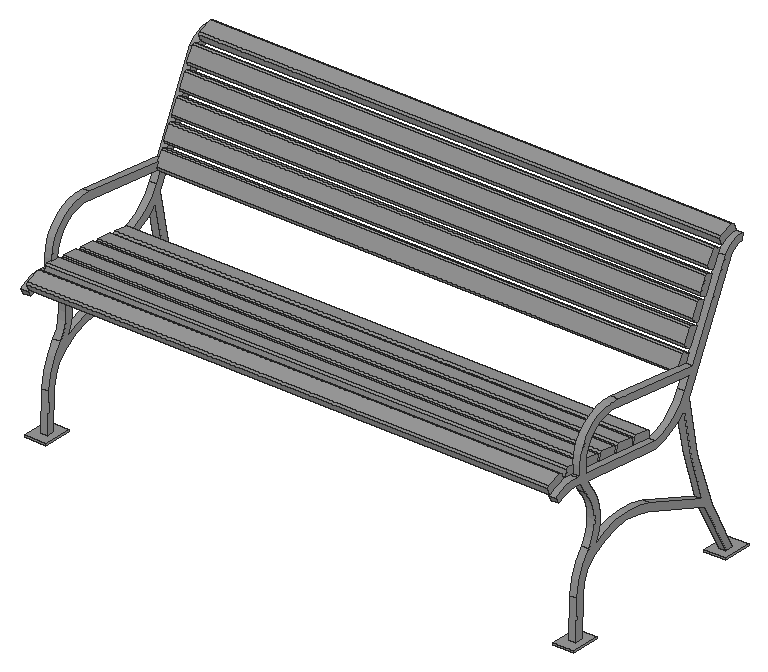
Revit family "Скамейка стальная «Элегант» Арт 7037", category Антураж, Revit 2018
Family settings
  На основе рабочей плоскости = Нет
  Всегда вертикально = Да
  При загрузке вырезать с полостями = Нет
  Источник визуального образа = Геометрия семейства
  Общий = Нет
  Точка расчета площади = Нет
Parameters (values of type "Версия 1,5 м")
  Ширина = 680 mm  # constant formula
  Цвет сидения = Дерево
  Цвет опоры = Сталь
  Средняя опора = or([Версия 2,0 м (3 опоры)], [Версия 3,0 м (3 опоры)])  # no
  Описание = if([Версия 0,6 м (кресло)], "Скамейка стальная «Элегант». Версия 0,6 м (Кресло)", if([Версия 1,2 м], "Скамейка стальная «Элегант». Версия 1,2 м", if([Версия 1,5 м], "Скамейка стальная «Элегант». Версия 1,5 м", if([Версия 1,8 м], "Скамейка стальная «Элегант». Версия 1,8 м", if([Версия 2,0 м], "Скамейка стальная «Элегант». Версия 2,0 м (2 опоры)", if([Версия 2,0 м (3 опоры)], "Скамейка стальная «Элегант». Версия 2,0 м (3 опоры)", "Скамейка стальная «Элегант». Версия 3,0 м (3 опоры)"))))))  # "Скамейка стальная «Элегант». Версия 1,5 м"
  Материал изделия = "Сталь, дерево"  # constant formula
  Изображение типоразмера = Скамейка стальная «Элегант» Арт 7037.jpg
  Изготовитель = "ООО «Хоббика»"  # constant formula
  Длина = if([Версия 0,6 м (кресло)], 600 mm, if([Версия 1,2 м], 1200 mm, if([Версия 1,5 м], 1500 mm, if([Версия 1,8 м], 1800 mm, if(or([Версия 2,0 м], [Версия 2,0 м (3 опоры)]), 2000 mm, 3000 mm)))))  # 1500 mm
  Группа модели = "Садовые скамейки"  # constant formula
  Высота = 800 mm  # constant formula
  Версия 3,0 м (3 опоры) = no
  Версия 2,0 м (3 опоры) = no
  Версия 2,0 м = no
  Версия 1,8 м = no
  Версия 1,5 м = yes
  Версия 1,2 м = no
  Версия 0,6 м (кресло) = no
  Артикул товара = "Арт. 7037"  # constant formula
  URL = "https://hobbyka.ru/product/skameika_elegant/"
Types (8, lengths in mm): name | Средняя опора | Описание | Длина | Версия 3,0 м (3 опоры) | Версия 2,0 м (3 опоры) | Версия 2,0 м | Версия 1,8 м | Версия 1,5 м | Версия 1,2 м | Версия 0,6 м (кресло)
  (no name) | no | "Скамейка стальная «Элегант». Версия 1,5 м" | 1500 | no | no | no | no | yes | no | no
  Версия 0,6 м (кресло) | no | "Скамейка стальная «Элегант». Версия 0,6 м (Кресло)" | 600 | no | no | no | no | no | no | yes
  Версия 1,2 м | no | "Скамейка стальная «Элегант». Версия 1,2 м" | 1200 | no | no | no | no | no | yes | no
  Версия 1,5 м | no | "Скамейка стальная «Элегант». Версия 1,5 м" | 1500 | no | no | no | no | yes | no | no
  Версия 1,8 м | no | "Скамейка стальная «Элегант». Версия 1,8 м" | 1800 | no | no | no | yes | no | no | no
  Версия 2,0 м | no | "Скамейка стальная «Элегант». Версия 2,0 м (2 опоры)" | 2000 | no | no | yes | no | no | no | no
  Версия 2,0 м (3 опоры) | yes | "Скамейка стальная «Элегант». Версия 2,0 м (3 опоры)" | 2000 | no | yes | no | no | no | no | no
  Версия 3,0 м (3 опоры) | yes | "Скамейка стальная «Элегант». Версия 3,0 м (3 опоры)" | 3000 | yes | no | no | no | no | no | no
Reference planes
  plane 1 "По центру (Вперед/Назад)": y = 0
  plane 2: z = 0
  plane 3 "По центру (Влево/Вправо)": x = 0
  plane 4: x = 1500
  plane 5: y = 680
  plane 6: x = 750
  plane 7: z = 800
  plane 8: x = 1480
Forms (mm)
  Extrusion 1, solid, material "Дерево" <- "Цвет сидения"
    sketch origin (0, 0, 0) x (0, 1, 0) y (0, 0, 1)
      loop
        line (668.803, 797.115) -> (631.021, 783.982) -> (627.939, 777.618) -> (633.664, 761.147) -> (680.893, 777.562) -> (675.168, 794.033) -> (668.803, 797.115)
      loop
        line (605.521, 762.678) -> (585.849, 727.85) -> (587.744, 721.038) -> (602.927, 712.462) -> (627.517, 755.997) -> (612.334, 764.573) -> (605.521, 762.678)
      loop
        line (576.167, 708.247) -> (558.182, 672.518) -> (560.4, 665.804) -> (575.976, 657.963) -> (598.457, 702.624) -> (582.881, 710.465) -> (576.167, 708.247)
      loop
        line (549.19, 654.653) -> (531.205, 618.925) -> (533.423, 612.21) -> (548.999, 604.37) -> (571.48, 649.031) -> (555.904, 656.871) -> (549.19, 654.653)
      loop
        line (522.213, 601.06) -> (504.228, 565.331) -> (506.446, 558.617) -> (522.022, 550.777) -> (544.503, 595.438) -> (528.927, 603.278) -> (522.213, 601.06)
      loop
        line (495.236, 547.467) -> (477.251, 511.738) -> (479.469, 505.024) -> (495.045, 497.183) -> (517.526, 541.844) -> (501.95, 549.685) -> (495.236, 547.467)
      loop
        line (373.394, 411.093) -> (333.613, 415.274) -> (328.118, 410.824) -> (326.295, 393.481) -> (376.021, 388.255) -> (377.844, 405.597) -> (373.394, 411.093)
      loop
        line (313.723, 417.364) -> (273.942, 421.546) -> (268.446, 417.096) -> (266.624, 399.753) -> (316.35, 394.527) -> (318.173, 411.869) -> (313.723, 417.364)
      loop
        line (254.051, 423.636) -> (214.27, 427.817) -> (208.775, 423.367) -> (206.952, 406.025) -> (256.679, 400.798) -> (258.501, 418.141) -> (254.051, 423.636)
      loop
        line (194.38, 429.908) -> (154.599, 434.089) -> (149.104, 429.639) -> (147.281, 412.297) -> (197.007, 407.07) -> (198.83, 424.413) -> (194.38, 429.908)
      loop
        line (134.178, 436.112) -> (94.311, 439.367) -> (88.921, 434.791) -> (87.502, 417.41) -> (137.336, 413.342) -> (138.755, 430.722) -> (134.178, 436.112)
      loop
        line (65.1, 435.935) -> (27.683, 421.794) -> (24.773, 415.35) -> (30.938, 399.038) -> (77.709, 416.714) -> (71.544, 433.026) -> (65.1, 435.935)
    from 20 to 1480
Dimensions and locks
  "Длина": plane 3 "По центру (Влево/Вправо)" to plane 4
  "Ширина": plane 5 to plane 1 "По центру (Вперед/Назад)"
  equal spacing: plane 3 "По центру (Влево/Вправо)", plane 6, plane 4
  "Высота": plane 7 to level
  locked: plane 8 to plane 4 at 20
  aligned and locked: level to plane 2
  aligned and locked: plane 6 to nested 1
  aligned and locked: plane 4 to nested 3
  aligned and locked: plane 3 "По центру (Влево/Вправо)" to nested 2
  aligned and locked: Extrusion 1 to nested 2
  aligned and locked: Extrusion 1 to plane 8
Automatic sketch dimensions
  Extrusion 1 sketch curve to plane 1 "По центру (Вперед/Назад)" = 24.773 mm
  Extrusion 1 sketch curve to Extrusion 1 sketch curve = 2.91 mm  (x2)
  Extrusion 1 sketch curve to Extrusion 1 sketch curve = 6.165 mm  (x2)
  Extrusion 1 sketch curve to Extrusion 1 sketch curve = 37.417 mm
  Extrusion 1 sketch curve to Extrusion 1 sketch curve = 6.445 mm
  Extrusion 1 sketch curve to Extrusion 1 sketch curve = 9.793 mm
  Extrusion 1 sketch curve to Extrusion 1 sketch curve = 1.419 mm
  Extrusion 1 sketch curve to Extrusion 1 sketch curve = 5.39 mm  (x2)
  Extrusion 1 sketch curve to Extrusion 1 sketch curve = 39.867 mm
  Extrusion 1 sketch curve to Extrusion 1 sketch curve = 3.158 mm
  Extrusion 1 sketch curve to Extrusion 1 sketch curve = 4.577 mm  (x2)
  Extrusion 1 sketch curve to Extrusion 1 sketch curve = 9.945 mm  (x7)
  Extrusion 1 sketch curve to Extrusion 1 sketch curve = 10.349 mm
  Extrusion 1 sketch curve to Extrusion 1 sketch curve = 5.495 mm  (x8)
  Extrusion 1 sketch curve to Extrusion 1 sketch curve = 39.781 mm  (x4)
  Extrusion 1 sketch curve to Extrusion 1 sketch curve = 2.627 mm  (x4)
  Extrusion 1 sketch curve to Extrusion 1 sketch curve = 4.45 mm  (x8)
  Extrusion 1 sketch curve to Extrusion 1 sketch curve = 103.857 mm
  Extrusion 1 sketch curve to Extrusion 1 sketch curve = 2.218 mm  (x8)
  Extrusion 1 sketch curve to Extrusion 1 sketch curve = 15.576 mm  (x5)
  Extrusion 1 sketch curve to Extrusion 1 sketch curve = 17.985 mm  (x4)
  Extrusion 1 sketch curve to Extrusion 1 sketch curve = 6.714 mm  (x8)
  Extrusion 1 sketch curve to Extrusion 1 sketch curve = 2.278 mm  (x3)
  Extrusion 1 sketch curve to Extrusion 1 sketch curve = 4.496 mm  (x3)
  Extrusion 1 sketch curve to Extrusion 1 sketch curve = 2.968 mm
  Extrusion 1 sketch curve to Extrusion 1 sketch curve = 1.895 mm  (x2)
  Extrusion 1 sketch curve to Extrusion 1 sketch curve = 4.47 mm
  Extrusion 1 sketch curve to Extrusion 1 sketch curve = 19.672 mm
  Extrusion 1 sketch curve to plane 7 = 35.427 mm
  Extrusion 1 sketch curve to Extrusion 1 sketch curve = 6.813 mm  (x2)
  Extrusion 1 sketch curve to plane 7 = 44.003 mm
  Extrusion 1 sketch curve to Extrusion 1 sketch curve = 15.183 mm
  Extrusion 1 sketch curve to plane 7 = 22.382 mm
  Extrusion 1 sketch curve to Extrusion 1 sketch curve = 15.605 mm
  Extrusion 1 sketch curve to plane 7 = 16.018 mm
  Extrusion 1 sketch curve to Extrusion 1 sketch curve = 3.081 mm
  Extrusion 1 sketch curve to plane 7 = 38.853 mm
  Extrusion 1 sketch curve to Extrusion 1 sketch curve = 6.147 mm
  Extrusion 1 sketch curve to plane 7 = 2.885 mm
  Extrusion 1 sketch curve to plane 5 = 11.197 mm
  Extrusion 1 sketch curve to plane 5 = 4.832 mm
  plane 5 to Extrusion 1 sketch curve = 0.893 mm
  Extrusion 1 sketch curve to Extrusion 1 sketch curve = 10.573 mm
  Extrusion 1 sketch curve to Extrusion 1 sketch curve = 9.837 mm
  Extrusion 1 sketch curve to Extrusion 1 sketch curve = 8.932 mm  (x6)
  Extrusion 1 sketch curve to plane 7 = 360.633 mm
  Extrusion 1 sketch curve to Extrusion 1 sketch curve = 3.255 mm
  Extrusion 1 sketch curve to Extrusion 1 sketch curve = 3.432 mm
  Extrusion 1 sketch curve to Extrusion 1 sketch curve = 2.023 mm
  Extrusion 1 sketch curve to Extrusion 1 sketch curve = 4.181 mm  (x4)
  Extrusion 1 sketch curve to Extrusion 1 sketch curve = 2.091 mm  (x3)
  Extrusion 1 sketch curve to Extrusion 1 sketch curve = 14.141 mm
  Extrusion 1 sketch curve to Extrusion 1 sketch curve = 0.697 mm
Nested families
  nested 1: "Скамейка стальная «Элегант» центральная опора" at (750, 0, 0), visible <- "Средняя опора", type "Скамейка стальная «Элегант» центральная опора"
  nested 2: "Скамейка стальная «Элегант» боковая опора" at (0, 0, 0), type "Скамейка стальная «Элегант» боковая опора"
  nested 3: "Скамейка стальная «Элегант» боковая опора" at (1500, 0, 0) x (-1, 0, 0) z (0, 0, 1), type "Скамейка стальная «Элегант» боковая опора"
Definition of nested family "Скамейка стальная «Элегант» центральная опора"
  Parameters (values of type "Скамейка стальная «Элегант» центральная опора")
    Цвет опоры = none
    Height = 0 mm
  Reference planes
    plane 1 "По центру (Вперед/Назад)": y = 0
    plane 2: z = 0
    plane 3 "По центру (Влево/Вправо)": x = 0
  Forms (mm)
    Extrusion 1, solid, material <- "Цвет опоры"
      sketch origin (0, 0, 0) x (0, 1, 0) y (0, 0, 1)
        loop
          arc (680.893, 777.562) -> (646.749, 770.725) -> (620.959, 747.328) r 65.372
          line (620.959, 747.328) -> (489.812, 486.787) -> (480.376, 468.041)
          arc (480.376, 468.041) -> (437.365, 416.159) -> (376.021, 388.255) r 150.471
          line (376.021, 388.255) -> (108.555, 416.367) -> (103.448, 416.904)
          arc (103.448, 416.904) -> (63.043, 413.979) -> (26.157, 397.231) r 115.052
          line (26.157, 397.231) -> (37.502, 380.76)
          arc (37.502, 380.76) -> (67.976, 394.597) -> (101.358, 397.013) r 95.052
          line (101.358, 397.013) -> (116.1, 395.464)
          arc (116.1, 395.464) -> (121.698, 380.68) -> (128.715, 366.516) r 161.362
          arc (128.715, 366.516) -> (161.309, 296.579) -> (141.354, 222.045) r 112.865
          arc (141.354, 222.045) -> (114.169, 170.89) -> (100.142, 114.683) r 238.084
          line (100.142, 114.683) -> (96.137, 0) -> (116.149, 0) -> (120.099, 113.089)
          arc (120.099, 113.089) -> (125.548, 141.116) -> (134.612, 168.191) r 218.084
          arc (134.612, 168.191) -> (234.062, 228.983) -> (350.41, 221.983) r 194.455
          line (350.41, 221.983) -> (549.321, 146.094)
          arc (549.321, 146.094) -> (584.042, 71.634) -> (624.272, 0) r 1090.297
          line (624.272, 0) -> (647.806, 0)
          arc (647.806, 0) -> (544.442, 214.241) -> (490.951, 446.021) r 1070.297
          arc (490.951, 446.021) -> (494.738, 452.455) -> (498.24, 459.048) r 170.471
          line (498.24, 459.048) -> (638.342, 737.379)
          arc (638.342, 737.379) -> (656.156, 753.068) -> (679.455, 757.614) r 45.372
          line (679.455, 757.614) -> (680.893, 777.562)
        loop
          line (376.898, 368.053) -> (138.174, 393.144)
          arc (138.174, 393.144) -> (141.352, 385.735) -> (144.947, 378.519) r 141.362
          arc (144.947, 378.519) -> (180.833, 302.223) -> (163.579, 219.692) r 132.865
          arc (163.579, 219.692) -> (258.036, 253.513) -> (357.539, 240.669) r 214.455
          line (357.539, 240.669) -> (539.021, 171.429)
          arc (539.021, 171.429) -> (498.855, 295.169) -> (473.714, 422.813) r 1090.297
          arc (473.714, 422.813) -> (429.898, 387.314) -> (376.898, 368.053) r 170.471
      from -10 to 10
    Extrusion 2, solid, material <- "Цвет опоры"
      sketch origin (0, 0, 0) x (0, 1, 0) y (0, 0, 1)
        loop
          line (676.039, 0) -> (676.039, 5) -> (596.039, 5) -> (596.039, 0) -> (676.039, 0)
        loop
          line (146.143, 0) -> (146.143, 5) -> (66.143, 5) -> (66.143, 0) -> (146.143, 0)
      from -30 to 30
  Cuts and joins
    joined: Extrusion 1, Extrusion 2
  Dimensions and locks
    aligned and locked: level to plane 2
Definition of nested family "Скамейка стальная «Элегант» боковая опора"
  Parameters (values of type "Скамейка стальная «Элегант» боковая опора")
    Цвет опоры = none
    Height = 0 mm
  Reference planes
    plane 1 "По центру (Вперед/Назад)": y = 0
    plane 2: z = 0
    plane 3 "По центру (Влево/Вправо)": x = 0
  Forms (mm)
    Extrusion 1, solid, material <- "Цвет опоры"
      sketch origin (0, 0, 0) x (0, 1, 0) y (0, 0, 1)
        loop
          arc (680.893, 777.562) -> (646.749, 770.725) -> (620.959, 747.328) r 65.372
          line (620.959, 747.328) -> (506.844, 520.623) -> (245.732, 552.585)
          arc (245.732, 552.585) -> (144.941, 517.409) -> (111.376, 416.07) r 120.82
          line (111.376, 416.07) -> (103.448, 416.904)
          arc (103.448, 416.904) -> (63.043, 413.979) -> (26.157, 397.231) r 115.052
          line (26.157, 397.231) -> (37.502, 380.76)
          arc (37.502, 380.76) -> (67.976, 394.597) -> (101.358, 397.013) r 95.052
          line (101.358, 397.013) -> (116.1, 395.464)
          arc (116.1, 395.464) -> (121.698, 380.68) -> (128.715, 366.516) r 161.362
          arc (128.715, 366.516) -> (161.309, 296.579) -> (141.354, 222.045) r 112.865
          arc (141.354, 222.045) -> (114.169, 170.89) -> (100.142, 114.683) r 238.084
          line (100.142, 114.683) -> (96.137, 0) -> (116.149, 0) -> (120.099, 113.089)
          arc (120.099, 113.089) -> (125.548, 141.116) -> (134.612, 168.191) r 218.084
          arc (134.612, 168.191) -> (234.062, 228.983) -> (350.41, 221.983) r 194.455
          line (350.41, 221.983) -> (549.321, 146.094)
          arc (549.321, 146.094) -> (584.042, 71.634) -> (624.272, 0) r 1090.297
          line (624.272, 0) -> (647.806, 0)
          arc (647.806, 0) -> (544.442, 214.241) -> (490.951, 446.021) r 1070.297
          arc (490.951, 446.021) -> (494.738, 452.455) -> (498.24, 459.048) r 170.471
          line (498.24, 459.048) -> (638.342, 737.379)
          arc (638.342, 737.379) -> (656.156, 753.068) -> (679.455, 757.614) r 45.372
          line (679.455, 757.614) -> (680.893, 777.562)
        loop
          line (480.376, 468.041) -> (497.29, 501.643) -> (243.302, 532.733)
          arc (243.302, 532.733) -> (157.471, 501.584) -> (131.992, 413.903) r 100.82
          line (131.992, 413.903) -> (376.021, 388.255)
          arc (376.021, 388.255) -> (437.365, 416.159) -> (480.376, 468.041) r 150.471
        loop
          line (376.898, 368.053) -> (138.174, 393.144)
          arc (138.174, 393.144) -> (141.352, 385.735) -> (144.947, 378.519) r 141.362
          arc (144.947, 378.519) -> (180.833, 302.223) -> (163.579, 219.692) r 132.865
          arc (163.579, 219.692) -> (258.036, 253.513) -> (357.539, 240.669) r 214.455
          line (357.539, 240.669) -> (539.021, 171.429)
          arc (539.021, 171.429) -> (498.855, 295.169) -> (473.714, 422.813) r 1090.297
          arc (473.714, 422.813) -> (429.898, 387.314) -> (376.898, 368.053) r 170.471
      from 0 to 20
    Extrusion 2, solid, material <- "Цвет опоры"
      sketch origin (0, 0, 0) x (0, 1, 0) y (0, 0, 1)
        loop
          line (676.039, 0) -> (676.039, 5) -> (596.039, 5) -> (596.039, 0) -> (676.039, 0)
        loop
          line (146.143, 0) -> (146.143, 5) -> (66.143, 5) -> (66.143, 0) -> (146.143, 0)
      from -20 to 40
  Cuts and joins
    joined: Extrusion 1, Extrusion 2
  Dimensions and locks
    aligned and locked: level to plane 2
